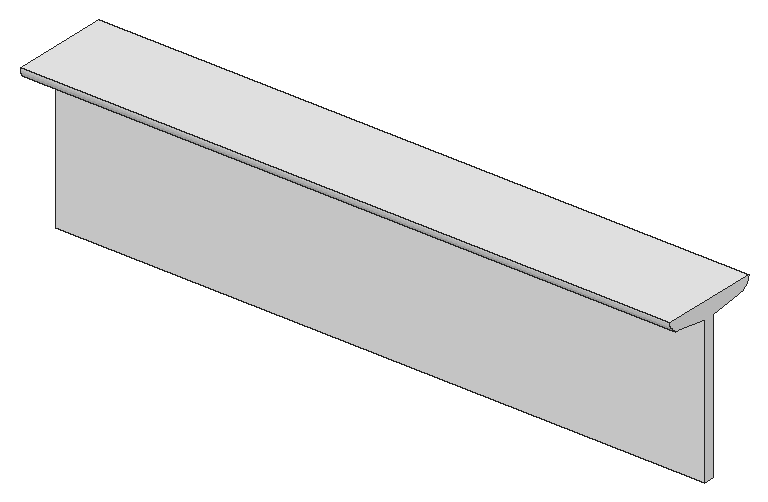
Revit family
Parameters (values of type "ST305X74.5")
  시작 확장 계산 [instance] = 3012.5 mm + 시작 확장  # 3000 mm
  시작 확장 [instance] = -12.5 mm
  끝 확장 계산 [instance] = 3012.5 mm + 끝 확장  # 3000 mm
  끝 확장 [instance] = -12.5 mm
  보 재료 [instance] = 금속 - 스틸 - 345 MPa
  Assembly Code = ""
  A = 0.009 m²
  Length [instance] = 1524 mm
  W = 0.73
  bf = 184 mm
  d = 305 mm
  k = 43 mm
  tf = 22.1 mm
  tw = 18.9 mm
Types (2, lengths in mm): name | A | W | bf | d | k | tf | tw
  ST230X52 | 0.00663 m² | 0.511 | 159 | 229 | 37 | 17.6 | 18.1
  ST305X74.5 | 0.009 m² | 0.73 | 184 | 305 | 43 | 22.1 | 18.9
Reference planes
  plane 1 "중심(앞/뒤)": y = 0
  plane 2: z = 0
  plane 3 "중심(왼쪽/오른쪽)": x = 4.61
  plane 4 "왼쪽 부재": x = -604.99
  plane 5 "오른쪽 부재": x = 614.21
  plane 6: y = 92
  plane 7: y = -92
  plane 8 "상단": z = 152.5
  plane 9: z = -152.5
  plane 10 "왼쪽": x = -757.39
  plane 11 "오른쪽": x = 766.61
  plane 12: x = -604.99
  plane 13: x = 614.21
  plane 14: x = 2395.01
  plane 15: x = -2385.79
Forms (mm)
  Sweep 1, solid, material "금속 - 스틸 - 345 MPa" <- "보 재료", detail levels medium
    path origin (0, 0, 0) x (1, 0, 0) y (0, 1, 0)
      loop
        line (614.21, 0) -> (-604.99, 0)
    profile "M_ST 구조 T자형-프로파일-중간 : M_ST 구조 T자형-프로파일-중간" origin (4.61, 0, 0) x (0, -1, 0) y (0, 0, 1)
      loop
        line (-92, 152.5) -> (-92, 130.4) -> (-9.45, 117.325) -> (-9.45, -152.5) -> (9.45, -152.5) -> (9.45, 117.325) -> (92, 130.4) -> (92, 152.5) -> (-92, 152.5)
  Sweep 2, solid, material "금속 - 스틸 - 345 MPa" <- "보 재료", detail levels fine
    path origin (0, 0, 0) x (1, 0, 0) y (0, 1, 0)
      loop
        line (614.21, 0) -> (-604.99, 0)
    profile "M_ST 구조 T자형-프로파일-섬세 : M_ST 구조 T자형-프로파일-섬세" origin (4.61, 0, 0) x (0, -1, 0) y (0, 0, 1)
      loop
        arc (-92, 152.5) -> (-85.527, 136.873) -> (-69.9, 130.4) r 22.1
        line (-69.9, 130.4) -> (-9.45, 120.826) -> (-9.45, -152.5) -> (9.45, -152.5) -> (9.45, 120.817) -> (69.956, 130.4)
        arc (69.956, 130.4) -> (85.547, 136.893) -> (92, 152.5) r 22.1
        line (92, 152.5) -> (-92, 152.5)
Lines and regions (mm)
  symbolic lines, style "숨겨진 면", detail levels medium+fine
    curve 1: line (614.21, -9.45, 0) -> (-604.99, -9.45, 0)
    curve 2: line (614.21, 9.45, 0) -> (-604.99, 9.45, 0)
  symbolic lines, style "기호 부착", detail levels coarse
    curve 3: line (4.61, 92, 152.5) -> (4.61, -92, 152.5)
    curve 4: line (4.61, 0, 152.5) -> (4.61, 0, -152.5)
Dimensions and locks
  "bf": plane 6 to plane 7
  "d": plane 9 to plane 8 "상단"
  equal spacing: plane 9, plane 2, plane 8 "상단"
  equal spacing: plane 6, plane 1 "중심(앞/뒤)", plane 7
  "Length": plane 10 "왼쪽" to plane 11 "오른쪽"
  equal spacing: curve 2, plane 1 "중심(앞/뒤)", curve 1
  "tw": curve 2 to curve 1
  locked: plane 4 "왼쪽 부재" to plane 14 at 3000
  locked: plane 15 to plane 5 "오른쪽 부재" at 3000
  "시작 확장 계산": plane 12 to plane 14
  "끝 확장 계산": plane 15 to plane 13
  aligned and locked: Sweep 1 sketch curve to plane 1 "중심(앞/뒤)"
  aligned and locked: Sweep 2 sketch curve to plane 1 "중심(앞/뒤)"
  aligned and locked: Sweep 2 to curve 3
  aligned and locked: curve 4 to Sweep 1
  aligned and locked: Sweep 1 to curve 3
  aligned and locked: curve 3 to Sweep 1
  aligned and locked: plane 12 to Sweep 2 sketch curve
  aligned and locked: plane 13 to Sweep 2 sketch curve
  aligned and locked: plane 12 to Sweep 1 sketch curve
  aligned and locked: plane 13 to Sweep 1 sketch curve
  aligned and locked: plane 12 to curve 2
  aligned and locked: plane 12 to curve 1
  aligned and locked: plane 13 to curve 1
  aligned and locked: plane 13 to curve 2
Automatic sketch dimensions
  curve 4 to plane 1 "중심(앞/뒤)" = 0 mm
